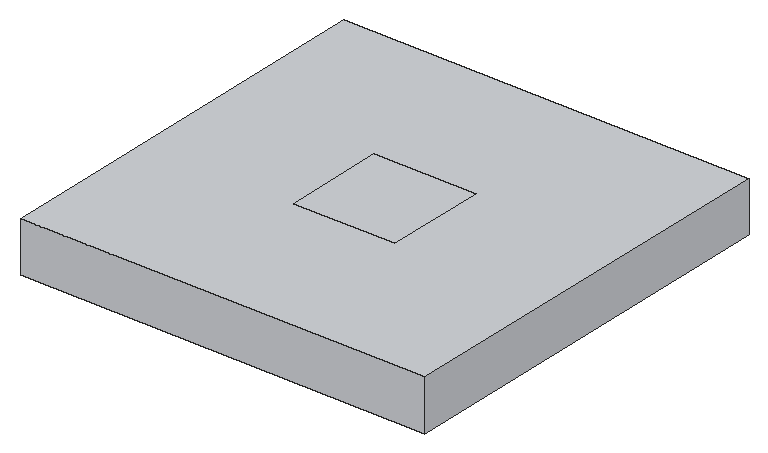
Revit family "57b559ff133543319f5ebbb7b2338d87", category Air Terminals, host Face, Revit 2021
Family settings
  Host = Face
  Round Connector Dimension = Use Diameter
  Part Type = Normal
  OmniClass Number = 23.75.70.21.27.11
  OmniClass Title = Diffusers, Registers, and Grilles
  Seek Item ID = Exhaust Diffuser - Hosted-0000-USA-ENU
  Cut with Voids When Loaded = No
  Shared = No
  Room Calculation Point = No
Parameters (values of type "Workplane-based Exhaust Diffuser")
  Width 1 = Diffuser Width * 0.65  # 1' - 3.6"
  Diffuser Width = 2' - 0"
  UpArrow [instance] = yes
  Pressure Drop [instance] = 0.0563 in-wg
  RightArrow [instance] = yes
  LeftArrow [instance] = yes
  Flow [instance] = 500 CFM
  Duct Height = Duct Width  # 12"
  DownArrow [instance] = yes
  Diffuser Height = Diffuser Width  # 2' - 0"
  Default Elevation = 4' - 0"
  Duct Width = 12"
  Assembly Code = ""
Reference planes (in)
  plane 1 "Center (Front/Back)": y = 0
  plane 2: z = 0
  plane 3 "Center (Left/Right)": x = 0
Forms (in)
  Extrusion 1, solid
    sketch origin (0, 0, 0) x (1, 0, 0) y (0, 1, 0)
      loop
        line (-48, 48) -> (-48, -48) -> (48, -48) -> (48, 48) -> (-48, 48)
    from 0 to -12
  Blend 2, solid
    base sketch origin (-2.13891, -0.43444, 0) x (1, 0, 0) y (0, 1, 0)
      loop
        line (-3.86109, 6.43444) -> (-3.86109, -5.56556) -> (8.13891, -5.56556) -> (8.13891, 6.43444) -> (-3.86109, 6.43444)
    top sketch origin (-2.13891, -0.43444, 0) x (1, 0, 0) y (0, 1, 0)
      loop
        line (-9.86109, 12.43444) -> (-9.86109, -11.56556) -> (14.13891, -11.56556) -> (14.13891, 12.43444) -> (-9.86109, 12.43444)
    from -4.00994 to 0
Lines and regions (in)
  symbolic lines
    curve 1: line (-12, 12, 0) -> (-12, -12, 0)
    curve 2: line (-12, -12, 0) -> (12, -12, 0)
    curve 3: line (12, -12, 0) -> (12, 12, 0)
    curve 4: line (12, 12, 0) -> (-12, 12, 0)
    curve 5: line (11.77834, -12, 0) -> (-12, 12, 0)
    curve 6: line (-12, -12, 0) -> (-0.05567, -0.05567, 0)
Dimensions and locks (in)
  equal spacing: Blend 2 sketch curve, plane 3 "Center (Left/Right)", Blend 2 sketch curve  (x2)
  "Diffuser Width": Blend 2 sketch curve to Blend 2 sketch curve
  equal spacing: Blend 2 sketch curve, plane 1 "Center (Front/Back)", Blend 2 sketch curve  (x2)
  "Diffuser Height": Blend 2 sketch curve to Blend 2 sketch curve
  "Duct Width": Blend 2 sketch curve to Blend 2 sketch curve
  "Duct Height": Blend 2 sketch curve to Blend 2 sketch curve
  "Width 1": nested 1 to plane 3 "Center (Left/Right)"
  "Width 1": plane 1 "Center (Front/Back)" to nested 2
  "Width 1": plane 3 "Center (Left/Right)" to nested 3
  "Width 1": plane 1 "Center (Front/Back)" to nested 4
  aligned and locked: plane 2 to Extrusion 1
  aligned and locked: level to Extrusion 1
  aligned and locked: level to Blend 2
  aligned and locked: Blend 2 to curve 4
  aligned and locked: curve 1 to Blend 2
  aligned and locked: Blend 2 to curve 3
  aligned and locked: curve 2 to Blend 2
  aligned and locked: plane 1 "Center (Front/Back)" to nested 1
  aligned and locked: plane 3 "Center (Left/Right)" to nested 4
  aligned and locked: nested 3 to plane 1 "Center (Front/Back)"
  aligned and locked: nested 2 to plane 3 "Center (Left/Right)"
  aligned and locked: curve 6 to Blend 2
Automatic sketch dimensions
  Extrusion 1 sketch curve to Extrusion 1 sketch curve = 8' - 0"  (x2)
  curve 6 to plane 3 "Center (Left/Right)" = 0' - 0.05567"
Nested families (in)
  nested 1: "Duct Terminal Arrow" at (-15.6, 0, 0), visible <- "LeftArrow", type "Duct Terminal Arrow"
  nested 2: "Duct Terminal Arrow" at (0, 15.6, 0) x (0, -1, 0) z (0, 0, 1), visible <- "DownArrow", type "Duct Terminal Arrow"
  nested 3: "Duct Terminal Arrow" at (15.6, 0, 0) x (-1, 0, 0) z (0, 0, 1), visible <- "RightArrow", type "Duct Terminal Arrow"
  nested 4: "Duct Terminal Arrow" at (0, -15.6, 0) x (0, 1, 0) z (0, 0, 1), visible <- "UpArrow", type "Duct Terminal Arrow"
Connectors (in)
  hvac at (0, 0, -4.00994), driven by "Duct Width", driven by "Duct Width", driven by "Flow", driven by "Pressure Drop"
    settings: on Blend 2, index 0, duct flow 500 CFM, flow factor 0, pres drop 0.0563 in-wg, loss coef 0, conn angle 0.00°, conn width 12", conn height 12", conn diameter 24", duct sys type 3, conn prof type 1, flow config 1, flow direction 2, loss method 4, conn ref index -1, conn util no, is conn primary yes, conn desc ""
Definition of nested family "Duct Terminal Arrow"
  Parameters
    Width = (Length / 2) / cos(15.00°)  # 1.03528"
    Length = 2"
  Reference planes (in)
    plane 1 "Center (Front/Back)": y = 0
    plane 2: z = 0
    plane 3 "Center (Left/Right)": x = 0
  Lines and regions (in)
    Filled region 1, type "Concrete Block", in view "Ref. Level"
      outline origin (-2, 0, 0) x (1, 0, 0) y (0, 1, 0)
        loop
          line (1, 0.26795) -> (1, -0.26795) -> (2, 0) -> (1, 0.26795)
    detail lines, in view "Ref. Level"
      curve 1: line (-2, 0, 0) -> (0, 0, 0)
      curve 2: line (0, 0, 0) -> (-1, 0.26795, 0)
      curve 3: line (0, 0, 0) -> (-1, -0.26795, 0)
      curve 4: line (-1, 0.26795, 0) -> (-1, -0.26795, 0)
  Dimensions and locks (in)
    "Length": curve 1 to curve 1
    "Width": curve 2 to curve 2
    "Width": curve 3 to curve 3
    locked: curve 2 to curve 1 (angle 15.00°)
    locked: curve 1 to curve 3 (angle 15.00°)
    aligned and locked: plane 1 "Center (Front/Back)" to curve 1
    aligned and locked: Filled region 1 sketch curve to curve 4
    aligned and locked: Filled region 1 sketch curve to curve 2
    aligned and locked: Filled region 1 sketch curve to curve 3
    aligned and locked: plane 3 "Center (Left/Right)" to curve 1
